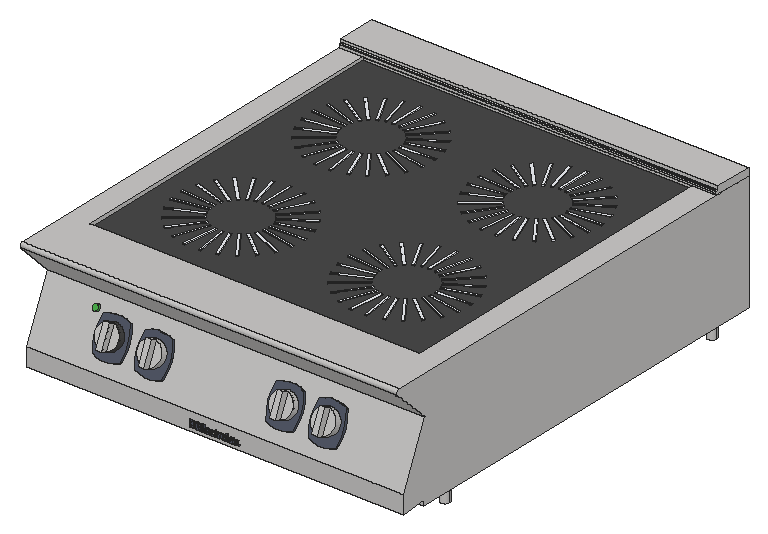
Revit family "QF_ELECTROLUXPROFESSIONAL_391045_E9IREH4000", category Specialty Equipment, Revit 2018
Family settings
  Round Connector Dimension = Use Diameter
  Part Type = Normal
  Work Plane-Based = No
  Always vertical = Yes
  Cut with Voids When Loaded = No
  Shared = No
  Room Calculation Point = No
Parameters
  Width = 800 mm  # constant formula
  Weight in Pounds = 69  # constant formula
  Watts = 0 W
  Volts = 400 V  # constant formula
  URL Cutsheet = "www.electrolux.com/foodservice"
  URL = "www.electrolux.com/foodservice"
  Type Mark [instance] = ""
  Status [instance] = ""
  Specification by User [instance] = ""
  Specification by Manufacturer = ""
  Show Logo [instance] = yes
  Show Clearance [instance] = yes
  Serial Number = ""
  Seismic Rating = ""
  SMACNA No = ""
  Revision Code [instance] = ""
  Phase = 3  # constant formula
  Omniclass Number and Title = ""
  Number of Poles [instance] = 1
  NAFEM Spec ID Number = ""
  Model = "391045"
  Min Ckt Ampacity = 0 A
  Max Overcurrent Protection = 0 A
  Masterspec = ""
  Manufacturer = "ELECTROLUX"
  Item Number [instance] = ""
  Installed By [instance] = ""
  Identify Quantity as Lot [instance] = yes
  Height = 290 mm  # constant formula
  HP = "18.2 HP"
  Furnished By [instance] = ""
  Foodservice Equipment Identifier [instance] = yes
  FL Amps = if(Phase = 3, Watts / (Volts * 1.73), Watts / Volts)  # 0 A
  Electrical Remarks [instance] = "400 V/3 ph/50/60 Hz"  # constant formula
  Electric Connection Type [instance] = ""
  Elec Conn RI Height [instance] = 0 mm
  Elec Conn Connection Height [instance] = 0 mm
  Direct Waste Size = 0"
  Description = "900XP 4 ZONE ELECTRIC INFRARED COOKING TOP -400 V"
  Depth = 930 mm  # constant formula
  Cycle = if([60 Hertz Option], 60 Hz, 50 Hz)  # 60 Hz
  Conn Plug = ""
  Conn Conduit = yes
  CSI MasterFormat = ""
  CSI Master Format = ""
  Base Height [instance] = 24 mm  # constant formula
  Apparent Power = if(Phase = 3, Volts * FL Amps * 1.73, Volts * FL Amps)  # 0 VA
  60 Hertz Option = not([50 Hertz Option])  # yes
  50 Hertz Option = no
Reference planes
  plane 1 "BACK": y = 0
  plane 2: z = 0
  plane 3 "LEFT": x = 0
  plane 4 "RIGHT": x = 800
  plane 5 "FRONT": y = -930
  plane 6 "TOP": z = 290
  plane 7 "Center Y": x = 400
  plane 8 "Center X": y = -465
  plane 9 "BASE": z = 24
  plane 10 "TOP A": z = 275
  plane 11: y = -790
  plane 12: y = -82
  plane 13: z = 55
  plane 14: y = 39
Forms (mm)
  Extrusion 1, solid, material "QF_Finishes_Stainless Steel"
    sketch origin (0, 0, 0) x (0, 1, 0) y (0, 0, 1)
      loop
        line (0, 275) -> (-925.027, 275)
        arc (-925.027, 275) -> (-930.893, 271.08) -> (-929.517, 264.16) r 6.35
        line (-929.517, 264.16) -> (-857.416, 191.809) -> (-913.522, 69.19) -> (-913.522, 31.09) -> (-860.4, 36.7) -> (-860.4, 24) -> (0, 24) -> (0, 275)
    from 0 to 800
  Extrusion 2, void
    sketch origin (0, 0, 275) x (-1, 0, 0) y (0, -1, 0)
      loop
        line (-50, 85) -> (-50, 810) -> (-750, 810) -> (-750, 85) -> (-50, 85)
    from 0 to -6.35
  Extrusion 3, solid, material "QF_Finishes_Stainless Steel"
    sketch origin (0, 0, 0) x (1, 0, 0) y (0, 1, 0)
      loop
        circle (11.112, -82) r 9.525
      loop
        circle (788.887, -82) r 9.525
    from 0 to 24
  Extrusion 4, solid, material "QF_Clearances", visible <- "Show Clearance", detail levels coarse
    sketch origin (0, 0, 0) x (1, 0, 0) y (0, 1, 0)
      loop
        line (0, -931.377) -> (0, 0) -> (800, 0) -> (800, -931.377) -> (950.019, -931.377) -> (950.019, 150.019) -> (-150.019, 150.019) -> (-150.019, -931.377) -> (0, -931.377)
    from 0 to 290
  Extrusion 5, solid, material "QF_Finishes_Navy Blue", visible <- "Show Logo"
    sketch origin (0, -913.522, 31.09) x (0, 0, 1) y (-1, 0, 0)
      loop
        line (22.074, -354.445) -> (9.707, -354.445)
        arc (9.707, -354.445) -> (15.891, -359.016) -> (22.074, -354.445) r 6.467
      loop
        arc (22.074, -353.816) -> (20.905, -348.673) -> (16.249, -346.195) r 6.338
        line (16.249, -346.195) -> (16.249, -348.241)
        arc (16.249, -348.241) -> (17.733, -351.896) -> (21.178, -353.816) r 5.941
        line (21.178, -353.816) -> (22.074, -353.816)
      loop
        arc (10.603, -353.816) -> (14.048, -351.896) -> (15.532, -348.241) r 5.941
        line (15.532, -348.241) -> (15.532, -346.195)
        arc (15.532, -346.195) -> (10.838, -348.669) -> (9.548, -353.816) r 6.504
        line (9.548, -353.816) -> (10.603, -353.816)
      loop
        line (22.749, -345.726) -> (9.004, -345.726) -> (9.004, -359.489) -> (22.749, -359.489) -> (22.749, -345.726)
      loop
        arc (22.832, -362.456) -> (22.485, -362.099) -> (22.118, -362.436) r 0.358
        arc (22.118, -362.436) -> (21.804, -363.187) -> (21.087, -363.572) r 1.216
        line (21.087, -363.572) -> (10.674, -363.572)
        arc (10.674, -363.572) -> (10.014, -363.294) -> (9.618, -362.698) r 1.238
        arc (9.618, -362.698) -> (9.223, -362.447) -> (8.918, -362.801) r 0.358
        line (8.918, -362.801) -> (8.918, -372.68) -> (11.669, -372.68) -> (11.669, -371.782)
        arc (11.669, -371.782) -> (10.76, -371.203) -> (10.304, -370.225) r 1.928
        line (10.304, -370.225) -> (10.304, -367.726)
        arc (10.304, -367.726) -> (10.58, -366.998) -> (11.268, -366.634) r 1.101
        line (11.268, -366.634) -> (15.355, -366.634) -> (15.355, -370.307)
        arc (15.355, -370.307) -> (15.002, -370.804) -> (14.437, -371.032) r 1.083
        arc (14.437, -371.032) -> (14.173, -371.337) -> (14.465, -371.615) r 0.292
        line (14.465, -371.615) -> (17.428, -371.615)
        arc (17.428, -371.615) -> (17.73, -371.343) -> (17.492, -371.013) r 0.305
        arc (17.492, -371.013) -> (17.001, -370.765) -> (16.696, -370.307) r 1.083
        line (16.696, -370.307) -> (16.696, -366.634) -> (21.373, -366.634) -> (21.373, -370.381)
        arc (21.373, -370.381) -> (21.159, -371.137) -> (20.553, -371.635) r 1.314
        arc (20.553, -371.635) -> (20.334, -372.039) -> (20.688, -372.331) r 0.361
        line (20.688, -372.331) -> (22.832, -372.331) -> (22.832, -362.456)
      loop
        arc (22.115, -373.112) -> (21.735, -374.03) -> (20.816, -374.411) r 1.299
        line (20.816, -374.411) -> (11.237, -374.411)
        arc (11.237, -374.411) -> (10.399, -374.033) -> (10.128, -373.155) r 1.118
        line (10.128, -373.155) -> (8.918, -373.155) -> (8.918, -378.505) -> (10.106, -378.505)
        arc (10.106, -378.505) -> (10.378, -377.588) -> (11.248, -377.191) r 1.153
        line (11.248, -377.191) -> (23.32, -377.191) -> (22.115, -373.112)
      loop
        line (13.883, -381.141) -> (13.883, -387.588) -> (14.682, -387.588)
        arc (14.682, -387.588) -> (17.262, -386.604) -> (18.531, -384.15) r 3.874
        line (18.531, -384.15) -> (18.531, -382.389)
        arc (18.531, -382.389) -> (17.344, -379.525) -> (14.48, -378.338) r 4.051
        line (14.48, -378.338) -> (12.472, -378.338)
        arc (12.472, -378.338) -> (9.653, -379.823) -> (8.602, -382.83) r 4.352
        arc (8.602, -382.83) -> (8.966, -385.294) -> (10.343, -387.368) r 5.713
        line (10.343, -387.368) -> (11.292, -387.368)
        arc (11.292, -387.368) -> (10.56, -385.799) -> (10.343, -384.081) r 5.579
        arc (10.343, -384.081) -> (11.137, -382.118) -> (13.016, -381.141) r 3.057
        line (13.016, -381.141) -> (13.883, -381.141)
      loop
        line (15.142, -381.141) -> (15.142, -384.723)
        arc (15.142, -384.723) -> (16.599, -384.77) -> (17.482, -383.61) r 1.59
        line (17.482, -383.61) -> (17.482, -382.781)
        arc (17.482, -382.781) -> (16.617, -381.525) -> (15.142, -381.141) r 2.184
      loop
        arc (17.933, -397.006) -> (18.422, -395.332) -> (18.579, -393.595) r 9.023
        line (18.579, -393.595) -> (18.579, -392.232)
        arc (18.579, -392.232) -> (17.42, -389.433) -> (14.62, -388.273) r 3.959
        line (14.62, -388.273) -> (12.02, -388.273)
        arc (12.02, -388.273) -> (9.738, -389.566) -> (8.621, -391.939) r 4.331
        line (8.621, -391.939) -> (8.621, -394.074)
        arc (8.621, -394.074) -> (9.129, -395.624) -> (10.051, -396.97) r 5.772
        arc (10.051, -396.97) -> (10.812, -397.02) -> (10.899, -396.262) r 0.553
        arc (10.899, -396.262) -> (10.511, -395.528) -> (10.377, -394.709) r 2.573
        line (10.377, -394.709) -> (10.377, -393.194)
        arc (10.377, -393.194) -> (11.383, -391.552) -> (13.198, -390.91) r 2.884
        line (13.198, -390.91) -> (14.477, -390.91)
        arc (14.477, -390.91) -> (16.298, -391.47) -> (17.224, -393.135) r 2.554
        line (17.224, -393.135) -> (17.224, -394.188)
        arc (17.224, -394.188) -> (16.893, -395.116) -> (16.236, -395.851) r 2.564
        arc (16.236, -395.851) -> (16.014, -396.568) -> (16.623, -397.006) r 0.643
        line (16.623, -397.006) -> (17.933, -397.006)
      loop
        line (16.915, -397.276) -> (16.915, -398.777) -> (10.867, -398.777)
        arc (10.867, -398.777) -> (9.279, -399.435) -> (8.621, -401.023) r 2.246
        line (8.621, -401.023) -> (8.621, -402.606)
        arc (8.621, -402.606) -> (8.935, -403.471) -> (9.435, -404.243) r 4.06
        arc (9.435, -404.243) -> (10.168, -404.376) -> (10.419, -403.675) r 0.576
        arc (10.419, -403.675) -> (10.313, -403.149) -> (10.377, -402.617) r 1.69
        arc (10.377, -402.617) -> (10.919, -401.829) -> (11.825, -401.525) r 1.506
        line (11.825, -401.525) -> (16.963, -401.525) -> (16.963, -403.923) -> (17.519, -404.479) -> (18.341, -404.479) -> (18.341, -401.619) -> (21.572, -401.619) -> (16.915, -397.276)
      loop
        line (8.838, -405.377) -> (8.838, -410.763) -> (9.948, -410.763)
        arc (9.948, -410.763) -> (10.342, -409.812) -> (11.293, -409.418) r 1.345
        line (11.293, -409.418) -> (14.909, -409.418)
        arc (14.909, -409.418) -> (15.674, -410.01) -> (15.964, -410.933) r 1.615
        line (15.964, -410.933) -> (15.964, -412.489) -> (18.519, -413.173) -> (18.519, -411.791) -> (16.577, -409.231) -> (18.457, -409.231) -> (18.173, -406.526)
        arc (18.173, -406.526) -> (17.733, -405.995) -> (17.074, -406.197) r 0.621
        arc (17.074, -406.197) -> (16.674, -406.539) -> (16.18, -406.721) r 1.501
        line (16.18, -406.721) -> (11.293, -406.721)
        arc (11.293, -406.721) -> (10.342, -406.328) -> (9.948, -405.377) r 1.345
        line (9.948, -405.377) -> (8.838, -405.377)
      loop
        line (14.94, -412.711) -> (12.248, -412.711)
        arc (12.248, -412.711) -> (9.803, -414.018) -> (8.669, -416.549) r 4.288
        arc (8.669, -416.549) -> (8.605, -417.929) -> (8.669, -419.31) r 15.022
        arc (8.669, -419.31) -> (9.803, -421.84) -> (12.248, -423.148) r 4.288
        line (12.248, -423.148) -> (14.94, -423.148)
        arc (14.94, -423.148) -> (17.386, -421.84) -> (18.519, -419.31) r 4.288
        arc (18.519, -419.31) -> (18.583, -417.929) -> (18.519, -416.549) r 15.022
        arc (18.519, -416.549) -> (17.386, -414.018) -> (14.94, -412.711) r 4.288
      loop
        line (15.145, -415.825) -> (12.043, -415.825)
        arc (12.043, -415.825) -> (9.886, -417.982) -> (12.043, -420.139) r 2.157
        line (12.043, -420.139) -> (15.145, -420.139)
        arc (15.145, -420.139) -> (17.302, -417.982) -> (15.145, -415.825) r 2.157
      loop
        arc (22.126, -423.006) -> (21.755, -423.9) -> (20.861, -424.271) r 1.264
        line (20.861, -424.271) -> (10.997, -424.271)
        arc (10.997, -424.271) -> (10.127, -423.874) -> (9.855, -422.957) r 1.153
        line (9.855, -422.957) -> (8.918, -422.957) -> (8.918, -428.066) -> (9.846, -428.066)
        arc (9.846, -428.066) -> (10.205, -427.293) -> (10.997, -426.979) r 1.153
        line (10.997, -426.979) -> (23.32, -426.979) -> (22.126, -423.006)
      loop
        arc (17.246, -427.603) -> (17.047, -428.668) -> (16.078, -429.15) r 1.215
        line (16.078, -429.15) -> (11.058, -429.15)
        arc (11.058, -429.15) -> (9.443, -429.797) -> (8.722, -431.38) r 2.338
        line (8.722, -431.38) -> (8.722, -432.894)
        arc (8.722, -432.894) -> (8.897, -433.898) -> (9.399, -434.785) r 2.979
        line (9.399, -434.785) -> (8.918, -436.581) -> (8.918, -438.27) -> (18.343, -438.27) -> (18.049, -434.067) -> (17.263, -434.067)
        arc (17.263, -434.067) -> (16.907, -434.903) -> (16.155, -435.411) r 1.605
        line (16.155, -435.411) -> (11.052, -435.411)
        arc (11.052, -435.411) -> (10.632, -434.475) -> (10.559, -433.451) r 2.94
        arc (10.559, -433.451) -> (11.12, -432.35) -> (12.273, -431.907) r 1.724
        line (12.273, -431.907) -> (18.47, -431.907) -> (17.246, -427.603)
      loop
        line (18.274, -439.123) -> (16.602, -441.17) -> (13.428, -443.476) -> (9.972, -440.363)
        arc (9.972, -440.363) -> (9.735, -439.97) -> (9.757, -439.511) r 0.789
        line (9.757, -439.511) -> (8.918, -439.511) -> (8.918, -443.056) -> (9.744, -443.056)
        arc (9.744, -443.056) -> (10.086, -442.694) -> (10.576, -442.786) r 0.52
        line (10.576, -442.786) -> (12.376, -444.257) -> (10.258, -445.632)
        arc (10.258, -445.632) -> (9.857, -445.322) -> (9.77, -444.823) r 0.7
        line (9.77, -444.823) -> (8.918, -444.823) -> (8.918, -450.75) -> (9.805, -450.75)
        arc (9.805, -450.75) -> (9.872, -450.091) -> (10.266, -449.559) r 1.247
        line (10.266, -449.559) -> (14.466, -446.278) -> (16.913, -448.332) -> (18.274, -450.074) -> (18.274, -446.35) -> (16.789, -446.772) -> (15.268, -445.496) -> (16.968, -444.305) -> (18.274, -445.082) -> (18.274, -439.123)
    from 0 to 1.644
  Extrusion 6, solid, material "QF_Finishes_Navy Blue"
    sketch origin (835.325, -913.522, 69.19) x (0, 0.416078, 0.909329) y (-1, 0, 0)
      loop
        arc (101.077, 704.335) -> (66.2, 711.352) -> (31.333, 704.29) r 89.894
        arc (31.333, 704.29) -> (24.638, 675.76) -> (31.333, 647.229) r 64.14
        arc (31.333, 647.229) -> (66.2, 640.164) -> (101.077, 647.185) r 89.853
        arc (101.077, 647.185) -> (107.792, 675.76) -> (101.077, 704.335) r 64.16
      loop
        arc (101.077, 188.815) -> (107.792, 217.39) -> (101.077, 245.965) r 64.16
        arc (101.077, 245.965) -> (66.2, 252.986) -> (31.333, 245.921) r 89.853
        arc (31.333, 245.921) -> (24.638, 217.39) -> (31.333, 188.86) r 64.14
        arc (31.333, 188.86) -> (66.2, 181.798) -> (101.077, 188.815) r 89.894
      loop
        arc (101.077, 278.815) -> (107.792, 307.39) -> (101.077, 335.965) r 64.16
        arc (101.077, 335.965) -> (66.2, 342.986) -> (31.333, 335.921) r 89.853
        arc (31.333, 335.921) -> (24.638, 307.39) -> (31.333, 278.86) r 64.14
        arc (31.333, 278.86) -> (66.2, 271.798) -> (101.077, 278.815) r 89.894
      loop
        arc (101.077, 614.335) -> (66.2, 621.352) -> (31.333, 614.29) r 89.894
        arc (31.333, 614.29) -> (24.638, 585.76) -> (31.333, 557.229) r 64.14
        arc (31.333, 557.229) -> (66.2, 550.164) -> (101.077, 557.185) r 89.853
        arc (101.077, 557.185) -> (107.792, 585.76) -> (101.077, 614.335) r 64.16
    from 0 to 3.175
  Extrusion 7, solid, material "QF_Finishes_Stainless Steel"
    sketch origin (835.325, -916.409, 70.511) x (0, 0.416078, 0.909329) y (-1, 0, 0)
      loop
        circle (68.826, 676.832) r 25.4
      loop
        circle (68.826, 307.568) r 25.4
      loop
        circle (68.826, 586.832) r 25.4
      loop
        circle (68.826, 217.568) r 25.4
    from 0 to 12.7
  Extrusion 8, solid, material "QF_Finishes_Stainless Steel"
    sketch origin (835.325, -927.958, 75.796) x (0, 0.416078, 0.909329) y (-1, 0, 0)
      loop
        line (93.558, 682.619) -> (44.094, 682.619)
        arc (44.094, 682.619) -> (43.426, 676.832) -> (44.094, 671.046) r 25.4
        line (44.094, 671.046) -> (93.558, 671.046)
        arc (93.558, 671.046) -> (94.226, 676.832) -> (93.558, 682.619) r 25.4
      loop
        arc (93.558, 301.781) -> (94.226, 307.568) -> (93.558, 313.354) r 25.4
        line (93.558, 313.354) -> (44.094, 313.354)
        arc (44.094, 313.354) -> (43.426, 307.568) -> (44.094, 301.781) r 25.4
        line (44.094, 301.781) -> (93.558, 301.781)
      loop
        line (93.558, 592.619) -> (44.094, 592.619)
        arc (44.094, 592.619) -> (43.426, 586.832) -> (44.094, 581.046) r 25.4
        line (44.094, 581.046) -> (93.558, 581.046)
        arc (93.558, 581.046) -> (94.226, 586.832) -> (93.558, 592.619) r 25.4
      loop
        line (93.558, 224.249) -> (44.094, 224.249)
        arc (44.094, 224.249) -> (43.426, 218.463) -> (44.094, 212.677) r 25.4
        line (44.094, 212.677) -> (93.558, 212.677)
        arc (93.558, 212.677) -> (94.226, 218.463) -> (93.558, 224.249) r 25.4
    from 0 to 12.7
  Extrusion 9, solid, material "QF_Finishes_Green"
    sketch origin (510.869, -909.361, 78.284) x (0, 0.416078, 0.909329) y (-1, 0, 0)
      loop
        circle (95.167, 397.721) r 6.35
    from 0 to 3.175
  Extrusion 10, solid, material "QF_Finishes_Stainless Steel"
    sketch origin (0, -192.116, 268.65) x (-1, 0, 0) y (0, -1, 0)
      loop
        circle (-11.112, 597.884) r 9.525
      loop
        circle (-788.887, 597.884) r 9.525
    from -268.65 to -244.65
  Extrusion 11, solid, material "QF_Finishes_Stainless Steel"
    sketch origin (800, 0, 0) x (0, 1, 0) y (0, 0, 1)
      loop
        line (0, 290) -> (-80, 290) -> (-80, 283.447)
        arc (-80, 283.447) -> (-80.635, 281.914) -> (-82.167, 281.279) r 2.167
        line (-82.167, 281.279) -> (-83.733, 281.279)
        arc (-83.733, 281.279) -> (-84.629, 280.908) -> (-85, 280.012) r 1.267
        line (-85, 280.012) -> (-85, 275) -> (0, 275) -> (0, 290)
    from -800 to 0
  Revolve 12, solid, material "QF_Finishes_Stainless Steel"
    sketch origin (740, 0, 0) x (0, 1, 0) y (0, 0, 1)
      loop
        line (0, 55) -> (39, 55) -> (39, 71.995) -> (5, 71.995) -> (5, 65) -> (0, 65) -> (0, 55)
      axis (39, 55) -> (0, 55)
    angle from 0 to 360
Cuts and joins
  Extrusion 2 cuts Extrusion 1
Lines and regions (mm)
  symbolic lines, style "QF_Clearances", visible <- "Show Clearance", detail levels coarse
    curve 1: line (-150.019, 150.019, 275) -> (-150.019, -931.377, 275)
    curve 2: line (950.019, 150.019, 275) -> (-150.019, 150.019, 275)
    curve 3: line (950.019, -931.377, 275) -> (950.019, 150.019, 275)
  symbolic lines
    curve 4: line (0, 0, 275) -> (800, 0, 275)
    curve 5: line (0, -930, 275) -> (0, 0, 275)
    curve 6: line (800, 0, 275) -> (800, -930, 275)
    curve 7: line (800, -930, 275) -> (0, -930, 275)
    curve 8: line (726.512, -348.642, 268.65) -> (738.006, -348.642, 268.65)
    curve 9: line (726.512, -380.898, 268.65) -> (726.512, -348.642, 268.65)
    curve 10: line (738.006, -380.898, 268.65) -> (726.512, -380.898, 268.65)
    curve 11: line (738.006, -348.642, 268.65) -> (738.006, -380.898, 268.65)
    curve 12: line (50, -810, 268.65) -> (50, -110, 268.65)
    curve 13: line (50, -110, 268.65) -> (750, -110, 268.65)
    curve 14: line (750, -110, 268.65) -> (750, -810, 268.65)
    curve 15: line (750, -810, 268.65) -> (50, -810, 268.65)
    curve 16: line (0, -85, 268.65) -> (800, -85, 268.65)
    curve 17: line (0, -80, 268.65) -> (800, -80, 268.65)
Dimensions and locks
  equal spacing: plane 3 "LEFT", plane 7 "Center Y", plane 4 "RIGHT"
  "Width": plane 3 "LEFT" to plane 4 "RIGHT"
  equal spacing: plane 5 "FRONT", plane 8 "Center X", plane 1 "BACK"
  "Depth": plane 5 "FRONT" to plane 1 "BACK"
  "Height": plane 6 "TOP" to level
  "Base Height": plane 9 "BASE" to level
  plane 1 "BACK" to plane 5 "FRONT" = 930 mm
  plane 10 "TOP A" to plane 9 "BASE" = 251 mm  (x2)
  Extrusion 1 sketch curve to Extrusion 1 sketch curve to Extrusion 1 sketch curve to Extrusion 1 sketch curve to Extrusion 1 sketch curve to Extrusion 1 sketch curve to Extrusion 1 sketch curve to plane 5 "FRONT" = 2.984 mm locked, 0 mm locked, 53.122 mm locked, 0 mm locked, 11.505 mm locked, 4.49 mm locked, 0.483 mm locked
  locked: plane 5 "FRONT" to Extrusion 2 sketch curve at 120
  plane 1 "BACK" to plane 12 = 82 mm
  locked: plane 12 to plane 11 at 708
  plane 6 "TOP" to level = 290 mm
  plane 9 "BASE" to level = 24 mm
  plane 11 to plane 12 to plane 1 "BACK" = 708 mm, 82 mm
  plane 9 "BASE" to plane 2 = 24 mm
  plane 13 to plane 2 = 55 mm
  plane 1 "BACK" to plane 14 = 39 mm
  aligned and locked: level to plane 2
  aligned and locked: plane 4 "RIGHT" to Extrusion 1
  aligned and locked: Extrusion 3 to plane 9 "BASE"
  aligned and locked: plane 6 "TOP" to Extrusion 4
  aligned and locked: curve 15 to cut or joined group of Extrusion 1, Extrusion 2
  aligned and locked: plane 9 "BASE" to Extrusion 10
  aligned and locked: Extrusion 11 to plane 3 "LEFT"
  aligned and locked: plane 4 "RIGHT" to Extrusion 11
  aligned and locked: Extrusion 10 to level
  aligned and locked: plane 11 to Extrusion 10
Automatic sketch dimensions
  Extrusion 1 sketch curve to plane 1 "BACK" = 0 mm
  Extrusion 1 sketch curve to plane 9 "BASE" = 0 mm
  Extrusion 1 sketch curve to plane 10 "TOP A" = 0 mm
  plane 9 "BASE" to Extrusion 1 sketch curve = 7.09 mm
  plane 9 "BASE" to Extrusion 1 sketch curve = 12.7 mm
  plane 13 to Extrusion 1 sketch curve = 14.19 mm
  Extrusion 1 sketch curve to plane 10 "TOP A" = 83.191 mm
  Extrusion 1 sketch curve to plane 10 "TOP A" = 10.84 mm
  plane 12 to Extrusion 2 sketch curve = 3 mm
  Extrusion 2 sketch curve to plane 4 "RIGHT" = 50 mm
  plane 3 "LEFT" to Extrusion 2 sketch curve = 50 mm
  plane 12 to Extrusion 3 sketch curve = 0 mm  (x2)
  plane 3 "LEFT" to Extrusion 3 sketch curve = 11.112 mm
  Extrusion 3 sketch curve to plane 4 "RIGHT" = 11.113 mm
  plane 1 "BACK" to Extrusion 4 sketch curve = 0 mm
  Extrusion 4 sketch curve to plane 3 "LEFT" = 0 mm
  Extrusion 4 sketch curve to plane 4 "RIGHT" = 0 mm
  Extrusion 4 sketch curve to plane 3 "LEFT" = 150.019 mm
  plane 5 "FRONT" to Extrusion 4 sketch curve = 1.377 mm  (x2)
  plane 4 "RIGHT" to Extrusion 4 sketch curve = 150.019 mm
  Extrusion 4 sketch curve to plane 14 = 111.019 mm
  curve 6 to plane 4 "RIGHT" = 0 mm
  curve 5 to plane 3 "LEFT" = 0 mm
  plane 1 "BACK" to curve 5 = 0 mm
  plane 5 "FRONT" to curve 7 = 0 mm
  plane 4 "RIGHT" to curve 3 = 150.019 mm
  plane 5 "FRONT" to curve 1 = 1.377 mm
  curve 1 to plane 3 "LEFT" = 150.019 mm
  curve 1 to plane 14 = 111.019 mm
  plane 5 "FRONT" to curve 3 = 1.377 mm
  Extrusion 2 to curve 16 = 0 mm
  curve 15 to Extrusion 2 = 0 mm  (x2)
  Extrusion 2 to curve 17 = 5 mm
  Extrusion 2 to curve 17 = 50 mm  (x2)
  curve 16 to curve 17 = 0 mm  (x2)
  curve 11 to Extrusion 2 = 11.994 mm
  curve 10 to curve 9 = 11.495 mm
  curve 14 to Extrusion 2 = 25 mm
  curve 13 to curve 8 = 238.642 mm
  curve 8 to curve 10 = 32.256 mm
  Extrusion 5 sketch curve to Extrusion 1 = 3.561 mm
  Extrusion 5 sketch curve to Extrusion 1 = 8.602 mm
  Extrusion 5 sketch curve to Extrusion 1 = 8.621 mm  (x2)
  Extrusion 5 sketch curve to Extrusion 5 sketch curve = 5.108 mm  (x2)
  Extrusion 5 sketch curve to Extrusion 5 sketch curve = 0 mm  (x27)
  Extrusion 5 sketch curve to Extrusion 1 = 8.722 mm
  Extrusion 5 sketch curve to Extrusion 5 sketch curve = 0.218 mm
  Extrusion 5 sketch curve to Extrusion 5 sketch curve = 0.195 mm
  Extrusion 5 sketch curve to Extrusion 5 sketch curve = 0.249 mm
  Extrusion 5 sketch curve to Extrusion 1 = 8.918 mm
  Extrusion 5 sketch curve to Extrusion 5 sketch curve = 0.087 mm
  Extrusion 5 sketch curve to Extrusion 5 sketch curve = 0.358 mm
  Extrusion 5 sketch curve to Extrusion 5 sketch curve = 0.481 mm
  Extrusion 5 sketch curve to Extrusion 5 sketch curve = 0.597 mm
  Extrusion 5 sketch curve to Extrusion 5 sketch curve = 0.544 mm
  Extrusion 5 sketch curve to Extrusion 5 sketch curve = 0.936 mm
  Extrusion 5 sketch curve to Extrusion 5 sketch curve = 0.594 mm
  Extrusion 5 sketch curve to Extrusion 5 sketch curve = 0.343 mm
  Extrusion 5 sketch curve to Extrusion 5 sketch curve = 0.159 mm
  Extrusion 5 sketch curve to Extrusion 5 sketch curve = 0.826 mm
  Extrusion 5 sketch curve to Extrusion 5 sketch curve = 0.839 mm
  Extrusion 5 sketch curve to Extrusion 5 sketch curve = 0.852 mm
  Extrusion 5 sketch curve to Extrusion 5 sketch curve = 0.887 mm
  Extrusion 5 sketch curve to Extrusion 5 sketch curve = 0.928 mm
  Extrusion 5 sketch curve to Extrusion 5 sketch curve = 0.938 mm
  Extrusion 5 sketch curve to Extrusion 5 sketch curve = 0.444 mm
  Extrusion 5 sketch curve to Extrusion 5 sketch curve = 1.11 mm  (x3)
  Extrusion 5 sketch curve to Extrusion 5 sketch curve = 0.215 mm
  Extrusion 5 sketch curve to Extrusion 5 sketch curve = 1.43 mm
  Extrusion 5 sketch curve to Extrusion 5 sketch curve = 1.188 mm
  Extrusion 5 sketch curve to Extrusion 5 sketch curve = 1.21 mm  (x2)
  Extrusion 5 sketch curve to Extrusion 5 sketch curve = 0.503 mm
  Extrusion 5 sketch curve to Extrusion 5 sketch curve = 0.488 mm
  Extrusion 5 sketch curve to Extrusion 5 sketch curve = 0.462 mm
  Extrusion 5 sketch curve to Extrusion 5 sketch curve = 1.386 mm
  Extrusion 5 sketch curve to Extrusion 5 sketch curve = 1.742 mm  (x2)
  Extrusion 5 sketch curve to Extrusion 5 sketch curve = 0.821 mm
  Extrusion 5 sketch curve to Extrusion 5 sketch curve = 0.497 mm
  Extrusion 5 sketch curve to Extrusion 5 sketch curve = 0.539 mm
  Extrusion 5 sketch curve to Extrusion 5 sketch curve = 0.686 mm
  Extrusion 5 sketch curve to Extrusion 5 sketch curve = 0.408 mm
  Extrusion 5 sketch curve to Extrusion 5 sketch curve = 0.743 mm
  Extrusion 5 sketch curve to Extrusion 5 sketch curve = 1.16 mm
  Extrusion 5 sketch curve to Extrusion 5 sketch curve = 0.329 mm
  Extrusion 5 sketch curve to Extrusion 5 sketch curve = 1.054 mm
  Extrusion 5 sketch curve to Extrusion 5 sketch curve = 1.056 mm
  Extrusion 5 sketch curve to Extrusion 5 sketch curve = 0.129 mm
  Extrusion 5 sketch curve to Extrusion 5 sketch curve = 0.489 mm
  Extrusion 5 sketch curve to Extrusion 5 sketch curve = 0.441 mm
  Extrusion 5 sketch curve to Extrusion 5 sketch curve = 1.151 mm
  Extrusion 5 sketch curve to Extrusion 5 sketch curve = 1.141 mm  (x2)
  Extrusion 5 sketch curve to Extrusion 5 sketch curve = 0.768 mm
  Extrusion 5 sketch curve to Extrusion 5 sketch curve = 1.653 mm
  Extrusion 5 sketch curve to Extrusion 5 sketch curve = 0.499 mm
  Extrusion 5 sketch curve to Extrusion 5 sketch curve = 0.964 mm
  Extrusion 5 sketch curve to Extrusion 5 sketch curve = 0.949 mm
  Extrusion 5 sketch curve to Extrusion 5 sketch curve = 1.345 mm  (x3)
  Extrusion 5 sketch curve to Extrusion 5 sketch curve = 1.101 mm
  Extrusion 5 sketch curve to Extrusion 5 sketch curve = 0.432 mm
  Extrusion 5 sketch curve to Extrusion 5 sketch curve = 1.142 mm
  Extrusion 5 sketch curve to Extrusion 5 sketch curve = 0.959 mm
  Extrusion 5 sketch curve to Extrusion 5 sketch curve = 0.176 mm
  Extrusion 5 sketch curve to Extrusion 5 sketch curve = 0.728 mm
  Extrusion 5 sketch curve to Extrusion 5 sketch curve = 3.375 mm  (x2)
  Extrusion 5 sketch curve to Extrusion 5 sketch curve = 1.905 mm
  Extrusion 5 sketch curve to Extrusion 5 sketch curve = 0.955 mm
  Extrusion 5 sketch curve to Extrusion 5 sketch curve = 1.251 mm
  Extrusion 5 sketch curve to Extrusion 5 sketch curve = 0.572 mm
  Extrusion 5 sketch curve to Extrusion 5 sketch curve = 1.92 mm
  Extrusion 5 sketch curve to Extrusion 5 sketch curve = 1.224 mm
  Extrusion 5 sketch curve to Extrusion 5 sketch curve = 0.745 mm
  Extrusion 5 sketch curve to Extrusion 5 sketch curve = 2.537 mm
  Extrusion 5 sketch curve to Extrusion 5 sketch curve = 0.896 mm  (x3)
  Extrusion 5 sketch curve to Extrusion 5 sketch curve = 0.036 mm
  Extrusion 5 sketch curve to Extrusion 5 sketch curve = 2.607 mm
  Extrusion 5 sketch curve to Extrusion 5 sketch curve = 0.066 mm
  Extrusion 5 sketch curve to Extrusion 5 sketch curve = 0.248 mm
  Extrusion 5 sketch curve to Extrusion 5 sketch curve = 0.449 mm
  Extrusion 5 sketch curve to Extrusion 5 sketch curve = 1.052 mm
  Extrusion 5 sketch curve to Extrusion 5 sketch curve = 1.863 mm
  Extrusion 5 sketch curve to Extrusion 5 sketch curve = 1.31 mm  (x2)
  Extrusion 5 sketch curve to Extrusion 5 sketch curve = 0.901 mm
  Extrusion 5 sketch curve to Extrusion 5 sketch curve = 1.107 mm
  Extrusion 5 sketch curve to Extrusion 5 sketch curve = 2.122 mm
  Extrusion 5 sketch curve to Extrusion 5 sketch curve = 2.101 mm
  Extrusion 5 sketch curve to Extrusion 5 sketch curve = 0.106 mm
  Extrusion 5 sketch curve to Extrusion 5 sketch curve = 0.029 mm
  Extrusion 5 sketch curve to Extrusion 5 sketch curve = 2.09 mm
  Extrusion 5 sketch curve to Extrusion 5 sketch curve = 1.279 mm
  Extrusion 5 sketch curve to Extrusion 5 sketch curve = 2.008 mm
  Extrusion 5 sketch curve to Extrusion 5 sketch curve = 0.738 mm
  Extrusion 5 sketch curve to Extrusion 5 sketch curve = 0.382 mm
  Extrusion 5 sketch curve to Extrusion 5 sketch curve = 0.384 mm
  Extrusion 5 sketch curve to Extrusion 5 sketch curve = 0.002 mm
  Extrusion 5 sketch curve to Extrusion 5 sketch curve = 0.561 mm
  Extrusion 5 sketch curve to Extrusion 5 sketch curve = 0.592 mm
  Extrusion 5 sketch curve to Extrusion 5 sketch curve = 2.692 mm
  Extrusion 5 sketch curve to Extrusion 5 sketch curve = 1.259 mm
  Extrusion 5 sketch curve to Extrusion 5 sketch curve = 0.802 mm
  Extrusion 5 sketch curve to Extrusion 5 sketch curve = 1.024 mm  (x2)
  Extrusion 5 sketch curve to Extrusion 5 sketch curve = 0.682 mm
  Extrusion 5 sketch curve to Extrusion 5 sketch curve = 5.934 mm
  Extrusion 5 sketch curve to Extrusion 5 sketch curve = 2.186 mm
  Extrusion 5 sketch curve to Extrusion 5 sketch curve = 0.337 mm
  Extrusion 5 sketch curve to Extrusion 5 sketch curve = 0.021 mm
  Extrusion 5 sketch curve to Extrusion 5 sketch curve = 1.005 mm
  Extrusion 5 sketch curve to Extrusion 5 sketch curve = 0.552 mm
  Extrusion 5 sketch curve to Extrusion 5 sketch curve = 0.778 mm
  Extrusion 5 sketch curve to Extrusion 5 sketch curve = 0.063 mm
  Extrusion 5 sketch curve to Extrusion 5 sketch curve = 1.023 mm
  Extrusion 5 sketch curve to Extrusion 5 sketch curve = 3.804 mm
  Extrusion 5 sketch curve to Extrusion 5 sketch curve = 0.486 mm
  Extrusion 5 sketch curve to Extrusion 5 sketch curve = 0.266 mm
  Extrusion 5 sketch curve to Extrusion 5 sketch curve = 1.547 mm
  Extrusion 5 sketch curve to Extrusion 5 sketch curve = 0.717 mm  (x2)
  Extrusion 5 sketch curve to Extrusion 5 sketch curve = 1.667 mm
  Extrusion 5 sketch curve to Extrusion 5 sketch curve = 3.174 mm
  Extrusion 5 sketch curve to Extrusion 5 sketch curve = 0.388 mm
  Extrusion 5 sketch curve to Extrusion 5 sketch curve = 1.342 mm
  Extrusion 5 sketch curve to Extrusion 5 sketch curve = 1.521 mm
  Extrusion 5 sketch curve to Extrusion 5 sketch curve = 0.124 mm
  Extrusion 5 sketch curve to Extrusion 5 sketch curve = 0.291 mm
  Extrusion 5 sketch curve to Extrusion 5 sketch curve = 1.049 mm  (x2)
  Extrusion 5 sketch curve to Extrusion 5 sketch curve = 1.7 mm
  Extrusion 5 sketch curve to Extrusion 5 sketch curve = 0.894 mm
  Extrusion 5 sketch curve to Extrusion 5 sketch curve = 0.989 mm
  Extrusion 5 sketch curve to Extrusion 5 sketch curve = 1.168 mm
  Extrusion 5 sketch curve to Extrusion 5 sketch curve = 1.594 mm
  Extrusion 5 sketch curve to Extrusion 5 sketch curve = 0.731 mm
  Extrusion 5 sketch curve to Extrusion 5 sketch curve = 1.566 mm
  Extrusion 5 sketch curve to Extrusion 5 sketch curve = 0.064 mm
  Extrusion 5 sketch curve to Extrusion 5 sketch curve = 0.556 mm  (x2)
  Extrusion 5 sketch curve to Extrusion 5 sketch curve = 0.48 mm
  Extrusion 5 sketch curve to Extrusion 5 sketch curve = 1.018 mm
  Extrusion 5 sketch curve to Extrusion 5 sketch curve = 0.787 mm
  Extrusion 5 sketch curve to Extrusion 5 sketch curve = 0.618 mm
  Extrusion 5 sketch curve to Extrusion 5 sketch curve = 1.672 mm
  Extrusion 5 sketch curve to Extrusion 5 sketch curve = 1.361 mm
  Extrusion 5 sketch curve to Extrusion 5 sketch curve = 0.822 mm
  Extrusion 5 sketch curve to Extrusion 5 sketch curve = 0.069 mm
  Extrusion 5 sketch curve to Extrusion 5 sketch curve = 1.88 mm
  Extrusion 5 sketch curve to Extrusion 5 sketch curve = 0.42 mm
  Extrusion 5 sketch curve to Extrusion 5 sketch curve = 0.062 mm
  Extrusion 5 sketch curve to Extrusion 5 sketch curve = 1.355 mm
  Extrusion 5 sketch curve to Extrusion 5 sketch curve = 2.34 mm
  Extrusion 5 sketch curve to Extrusion 5 sketch curve = 0.493 mm
  Extrusion 5 sketch curve to Extrusion 5 sketch curve = 0.136 mm
  Extrusion 5 sketch curve to Extrusion 5 sketch curve = 0.128 mm
  Extrusion 5 sketch curve to Extrusion 5 sketch curve = 3.616 mm
  Extrusion 5 sketch curve to Extrusion 5 sketch curve = 4.207 mm
  Extrusion 5 sketch curve to Extrusion 5 sketch curve = 0.183 mm
  Extrusion 5 sketch curve to Extrusion 5 sketch curve = 0.895 mm
  Extrusion 5 sketch curve to Extrusion 5 sketch curve = 1.314 mm
  Extrusion 5 sketch curve to Extrusion 5 sketch curve = 3.231 mm
  Extrusion 5 sketch curve to Extrusion 5 sketch curve = 1.299 mm
  Extrusion 5 sketch curve to Extrusion 5 sketch curve = 1.214 mm
  Extrusion 5 sketch curve to Extrusion 5 sketch curve = 1.264 mm
  Extrusion 5 sketch curve to Extrusion 5 sketch curve = 0.109 mm
  Extrusion 5 sketch curve to Extrusion 5 sketch curve = 0.357 mm
  Extrusion 5 sketch curve to Extrusion 5 sketch curve = 0.565 mm
  Extrusion 5 sketch curve to Extrusion 5 sketch curve = 2.504 mm
  Extrusion 5 sketch curve to Extrusion 5 sketch curve = 2.459 mm
  Extrusion 1 to Extrusion 5 sketch curve = 349.25 mm
  Extrusion 5 sketch curve to Extrusion 5 sketch curve = 0.208 mm
  Extrusion 5 sketch curve to Extrusion 5 sketch curve = 0.468 mm  (x2)
  Extrusion 5 sketch curve to Extrusion 5 sketch curve = 1.559 mm
  Extrusion 5 sketch curve to Extrusion 5 sketch curve = 0.422 mm  (x2)
  Extrusion 5 sketch curve to Extrusion 5 sketch curve = 0.494 mm
  Extrusion 5 sketch curve to Extrusion 5 sketch curve = 3.927 mm
  Extrusion 5 sketch curve to Extrusion 5 sketch curve = 0.782 mm
  Extrusion 5 sketch curve to Extrusion 5 sketch curve = 1.268 mm
  Extrusion 5 sketch curve to Extrusion 5 sketch curve = 0.671 mm
  Extrusion 5 sketch curve to Extrusion 5 sketch curve = 0.777 mm
  Extrusion 5 sketch curve to Extrusion 5 sketch curve = 0.704 mm
  Extrusion 5 sketch curve to Extrusion 5 sketch curve = 0.781 mm  (x2)
  Extrusion 5 sketch curve to Extrusion 5 sketch curve = 1.634 mm
  Extrusion 5 sketch curve to Extrusion 5 sketch curve = 0.132 mm
  Extrusion 5 sketch curve to Extrusion 5 sketch curve = 3.136 mm
  Extrusion 5 sketch curve to Extrusion 5 sketch curve = 2.422 mm
  Extrusion 5 sketch curve to Extrusion 5 sketch curve = 0.586 mm
  Extrusion 5 sketch curve to Extrusion 5 sketch curve = 2.046 mm  (x2)
  Extrusion 5 sketch curve to Extrusion 5 sketch curve = 1.241 mm
  Extrusion 5 sketch curve to Extrusion 5 sketch curve = 1.689 mm
  Extrusion 5 sketch curve to Extrusion 5 sketch curve = 2.859 mm
  Extrusion 5 sketch curve to Extrusion 5 sketch curve = 0.627 mm
  Extrusion 5 sketch curve to Extrusion 5 sketch curve = 0.863 mm
  Extrusion 5 sketch curve to Extrusion 5 sketch curve = 0.419 mm
  Extrusion 5 sketch curve to Extrusion 5 sketch curve = 1.514 mm
  Extrusion 5 sketch curve to Extrusion 5 sketch curve = 1.019 mm
  Extrusion 5 sketch curve to Extrusion 5 sketch curve = 0.065 mm
  Extrusion 5 sketch curve to Extrusion 5 sketch curve = 1.215 mm
  Extrusion 5 sketch curve to Extrusion 5 sketch curve = 2.708 mm
  Extrusion 5 sketch curve to Extrusion 5 sketch curve = 1.122 mm
  Extrusion 5 sketch curve to Extrusion 5 sketch curve = 1.153 mm
  Extrusion 5 sketch curve to Extrusion 5 sketch curve = 3.009 mm
  Extrusion 5 sketch curve to Extrusion 5 sketch curve = 0.829 mm  (x2)
  Extrusion 5 sketch curve to Extrusion 5 sketch curve = 0.934 mm
  Extrusion 5 sketch curve to Extrusion 5 sketch curve = 3.376 mm
  Extrusion 5 sketch curve to Extrusion 5 sketch curve = 0.222 mm
  Extrusion 5 sketch curve to Extrusion 5 sketch curve = 1.383 mm
  Extrusion 5 sketch curve to Extrusion 5 sketch curve = 1.556 mm
  Extrusion 5 sketch curve to Extrusion 5 sketch curve = 2.559 mm
  Extrusion 5 sketch curve to Extrusion 5 sketch curve = 2.51 mm
  Extrusion 5 sketch curve to Extrusion 5 sketch curve = 0.131 mm
  Extrusion 5 sketch curve to Extrusion 5 sketch curve = 1.717 mm
  Extrusion 5 sketch curve to Extrusion 5 sketch curve = 1.134 mm
  Extrusion 5 sketch curve to Extrusion 5 sketch curve = 0.366 mm
  Extrusion 5 sketch curve to Extrusion 5 sketch curve = 0.094 mm
  Extrusion 5 sketch curve to Extrusion 5 sketch curve = 1.584 mm
  Extrusion 5 sketch curve to Extrusion 5 sketch curve = 1.501 mm
  Extrusion 5 sketch curve to Extrusion 5 sketch curve = 0.27 mm
  Extrusion 5 sketch curve to Extrusion 5 sketch curve = 1.808 mm
  Extrusion 5 sketch curve to Extrusion 5 sketch curve = 0.643 mm
  Extrusion 5 sketch curve to Extrusion 5 sketch curve = 0.916 mm
  Extrusion 5 sketch curve to Extrusion 5 sketch curve = 0.352 mm
  Extrusion 5 sketch curve to Extrusion 5 sketch curve = 0.458 mm
  Extrusion 5 sketch curve to Extrusion 5 sketch curve = 1.282 mm
  Extrusion 5 sketch curve to Extrusion 5 sketch curve = 1.363 mm
  Extrusion 5 sketch curve to Extrusion 5 sketch curve = 0.685 mm
  Extrusion 5 sketch curve to Extrusion 5 sketch curve = 0.905 mm
  Extrusion 5 sketch curve to Extrusion 5 sketch curve = 2.865 mm
  Extrusion 5 sketch curve to Extrusion 5 sketch curve = 0.472 mm
  Extrusion 5 sketch curve to Extrusion 5 sketch curve = 0.101 mm
  Extrusion 5 sketch curve to Extrusion 5 sketch curve = 0.54 mm
  Extrusion 5 sketch curve to Extrusion 5 sketch curve = 0.02 mm
  Extrusion 5 sketch curve to Extrusion 5 sketch curve = 0.582 mm
  Extrusion 5 sketch curve to Extrusion 5 sketch curve = 0.166 mm
  Extrusion 5 sketch curve to Extrusion 5 sketch curve = 0.16 mm
  Extrusion 5 sketch curve to Extrusion 5 sketch curve = 2.781 mm
  Extrusion 5 sketch curve to Extrusion 5 sketch curve = 1.118 mm
  Extrusion 5 sketch curve to Extrusion 5 sketch curve = 0.613 mm
  Extrusion 5 sketch curve to Extrusion 5 sketch curve = 0.361 mm
  Extrusion 5 sketch curve to Extrusion 5 sketch curve = 0.897 mm
  Extrusion 5 sketch curve to Extrusion 5 sketch curve = 0.167 mm
  Extrusion 5 sketch curve to Extrusion 5 sketch curve = 0.292 mm
  Extrusion 5 sketch curve to Extrusion 5 sketch curve = 0.305 mm
  Extrusion 5 sketch curve to Extrusion 5 sketch curve = 1.557 mm
  Extrusion 5 sketch curve to Extrusion 5 sketch curve = 2.499 mm
  Extrusion 5 sketch curve to Extrusion 5 sketch curve = 3.062 mm
  Extrusion 5 sketch curve to Extrusion 5 sketch curve = 2.968 mm
  Extrusion 5 sketch curve to Extrusion 5 sketch curve = 5.044 mm
  Extrusion 5 sketch curve to Extrusion 5 sketch curve = 0.629 mm  (x2)
  Extrusion 5 sketch curve to Extrusion 5 sketch curve = 1.131 mm
  Extrusion 5 sketch curve to Extrusion 5 sketch curve = 0.137 mm
  Extrusion 5 sketch curve to Extrusion 5 sketch curve = 0.027 mm
  Extrusion 5 sketch curve to Extrusion 5 sketch curve = 2.235 mm
  Extrusion 6 sketch curve to Extrusion 1 = 31.333 mm  (x8)
  Extrusion 6 sketch curve to Extrusion 6 sketch curve = 12.3 mm  (x12)
  Extrusion 6 sketch curve to Extrusion 6 sketch curve = 34.925 mm  (x6)
  Extrusion 6 sketch curve to Extrusion 6 sketch curve = 0 mm  (x2)
  Extrusion 6 sketch curve to Extrusion 6 sketch curve = 22.52 mm  (x4)
  Extrusion 1 to Extrusion 6 sketch curve = 127.808 mm
  Extrusion 6 sketch curve to Extrusion 6 sketch curve = 25.683 mm
  Extrusion 6 sketch curve to Extrusion 6 sketch curve = 25.727 mm  (x2)
  Extrusion 6 sketch curve to Extrusion 6 sketch curve = 28.575 mm  (x2)
  Extrusion 6 sketch curve to Extrusion 6 sketch curve = 18.56 mm  (x2)
  Extrusion 6 sketch curve to Extrusion 6 sketch curve = 32.85 mm  (x2)
  Extrusion 6 sketch curve to Extrusion 6 sketch curve = 32.939 mm  (x2)
  Extrusion 6 sketch curve to Extrusion 6 sketch curve = 169.765 mm
  Extrusion 6 sketch curve to Extrusion 6 sketch curve = 25.771 mm
  Extrusion 6 sketch curve to Extrusion 6 sketch curve = 28.531 mm  (x2)
  Extrusion 7 sketch curve to Extrusion 7 sketch curve = 0 mm  (x3)
  Extrusion 7 sketch curve to Extrusion 7 sketch curve = 90 mm  (x2)
  Extrusion 7 sketch curve to Extrusion 7 sketch curve = 279.265 mm
  Extrusion 8 sketch curve to Extrusion 8 sketch curve = 0 mm  (x7)
  Extrusion 8 sketch curve to Extrusion 8 sketch curve = 24.732 mm  (x5)
  Extrusion 8 sketch curve to Extrusion 8 sketch curve = 77.532 mm
  Extrusion 8 sketch curve to Extrusion 8 sketch curve = 5.786 mm
  Extrusion 1 to Extrusion 9 sketch curve = 29.678 mm
  Extrusion 1 to Extrusion 9 sketch curve = 113.148 mm
  Extrusion 2 to Extrusion 10 sketch curve = 38.887 mm
  Extrusion 2 to Extrusion 10 sketch curve = 38.888 mm
  Extrusion 10 sketch curve to Extrusion 2 = 20 mm  (x2)
  Extrusion 11 sketch curve to plane 10 "TOP A" = 0 mm
  Extrusion 11 sketch curve to plane 6 "TOP" = 0 mm
  Extrusion 11 sketch curve to plane 1 "BACK" = 0 mm
  Extrusion 11 sketch curve to plane 12 = 2 mm
  plane 12 to Extrusion 11 sketch curve = 0.167 mm
  Extrusion 11 sketch curve to Extrusion 11 sketch curve = 1.566 mm
  plane 12 to Extrusion 11 sketch curve = 3 mm
  Extrusion 11 sketch curve to Extrusion 11 sketch curve = 5.012 mm
  Revolve 12 sketch curve to plane 13 = 0 mm  (x2)
  Revolve 12 sketch curve to plane 1 "BACK" = 0 mm
  Revolve 12 sketch curve to plane 14 = 0 mm
  plane 1 "BACK" to Revolve 12 sketch curve = 15 mm
  Revolve 12 sketch curve to Revolve 12 sketch curve = 15 mm
  Revolve 12 sketch curve to plane 1 "BACK" = 5 mm
  plane 13 to Revolve 12 sketch curve = 10 mm
  Revolve 12 sketch curve to Revolve 12 sketch curve = 6.995 mm
  radius of Extrusion 3 sketch curve = 9.525 mm  (x2)
  radius of Extrusion 7 sketch curve = 25.4 mm  (x4)
  radius of Extrusion 8 sketch curve to Extrusion 7 = 0 mm  (x6)
  radius of Extrusion 9 sketch curve = 6.35 mm
  radius of Extrusion 10 sketch curve = 9.525 mm  (x2)
Nested families
  nested 1: "INDUCTION BURNER" at (92.726, -148.911, 268.65), type "INDUCTION BURNER"
    with Type Mark "", Status "", Specification by User "", Revision Code "", Item Number "", Installed By "", Identify Quantity as Lot yes, Furnished By "", Foodservice Equipment Identifier yes
  nested 2: "INDUCTION BURNER" at (92.726, -494.622, 268.65), type "INDUCTION BURNER"
    with Type Mark "", Status "", Specification by User "", Revision Code "", Item Number "", Installed By "", Identify Quantity as Lot yes, Furnished By "", Foodservice Equipment Identifier yes
  nested 3: "INDUCTION BURNER" at (445.576, -148.911, 268.65), type "INDUCTION BURNER"
    with Type Mark "", Status "", Specification by User "", Revision Code "", Item Number "", Installed By "", Identify Quantity as Lot yes, Furnished By "", Foodservice Equipment Identifier yes
  nested 4: "INDUCTION BURNER" at (445.576, -494.622, 268.65), type "INDUCTION BURNER"
    with Type Mark "", Status "", Specification by User "", Revision Code "", Item Number "", Installed By "", Identify Quantity as Lot yes, Furnished By "", Foodservice Equipment Identifier yes
Connectors
  electrical at (740, 39, 55)
    settings: on Revolve 12, index 1, voltage 0 V, apparent load 0 VA, apparent load phase1 0 VA, apparent load phase2 0 VA, apparent load phase3 0 VA, power factor 1, load classification "Other", number of poles 1, system type 30, power factor state 1, is connector primary yes, connector utility no, sub classification motor no, connector description "ELECTRICAL CONNECTION"
Definition of nested family "INDUCTION BURNER"
  Parameters
    Weight in Pounds = 0
    URL Cutsheet = ""
    Type Mark [instance] = ""
    Status [instance] = ""
    Specification by User [instance] = ""
    Specification by Manufacturer = ""
    Serial Number = ""
    Seismic Rating = ""
    SMACNA No = ""
    Revision Code [instance] = ""
    Omniclass Number and Title = ""
    NAFEM Spec ID Number = ""
    Masterspec = ""
    Item Number [instance] = ""
    Installed By [instance] = ""
    Identify Quantity as Lot [instance] = yes
    Furnished By [instance] = ""
    Foodservice Equipment Identifier [instance] = yes
    CSI MasterFormat = ""
    CSI Master Format = ""
    Assembly Code = ""
  Reference planes
    plane 1 "BACK": y = 0
    plane 2: z = 0
    plane 3 "LEFT": x = 0
    plane 4 "RIGHT": x = 263
    plane 5 "FRONT": y = -263
    plane 6 "TOP": z = 0.794
    plane 7 "Center Y": x = 131.5
    plane 8 "Center X": y = -131.5
  Forms (mm)
    Extrusion 1, solid
      sketch origin (0, 0, 0) x (1, 0, 0) y (0, 1, 0)
        loop
          line (134, -73.314) -> (134, 0) -> (129, 0) -> (129, -73.314) -> (134, -73.314)
        loop
          line (119.451, -74.521) -> (101.219, -3.51) -> (96.376, -4.753) -> (114.608, -75.764) -> (119.451, -74.521)
        loop
          line (105.66, -79.307) -> (70.34, -15.061) -> (65.959, -17.47) -> (101.278, -81.716) -> (105.66, -79.307)
        loop
          line (93.492, -87.373) -> (43.304, -33.929) -> (39.66, -37.352) -> (89.847, -90.796) -> (93.492, -87.373)
        loop
          line (83.712, -98.212) -> (21.81, -58.928) -> (19.131, -63.15) -> (81.033, -102.433) -> (83.712, -98.212)
        loop
          line (5.664, -93.242) -> (75.39, -115.897) -> (76.935, -111.142) -> (7.209, -88.487) -> (5.664, -93.242)
        loop
          line (73.586, -125.351) -> (0.416, -120.748) -> (0.103, -125.738) -> (73.272, -130.342) -> (73.586, -125.351)
        loop
          line (73.876, -139.947) -> (1.861, -153.685) -> (2.798, -158.596) -> (74.813, -144.859) -> (73.876, -139.947)
        loop
          line (77.788, -154.012) -> (11.451, -185.228) -> (13.58, -189.752) -> (79.916, -158.536) -> (77.788, -154.012)
        loop
          line (85.074, -166.663) -> (28.584, -213.395) -> (31.771, -217.248) -> (88.261, -170.515) -> (85.074, -166.663)
        loop
          line (95.277, -177.104) -> (52.184, -236.416) -> (56.229, -239.355) -> (99.322, -180.043) -> (95.277, -177.104)
        loop
          line (107.756, -184.679) -> (80.767, -252.845) -> (85.416, -254.686) -> (112.405, -186.52) -> (107.756, -184.679)
        loop
          line (121.727, -188.914) -> (112.538, -261.65) -> (117.499, -262.276) -> (126.688, -189.54) -> (121.727, -188.914)
        loop
          line (143.549, -74.521) -> (148.392, -75.764) -> (166.624, -4.753) -> (161.781, -3.51) -> (143.549, -74.521)
        loop
          line (157.34, -79.307) -> (161.722, -81.716) -> (197.041, -17.47) -> (192.66, -15.061) -> (157.34, -79.307)
        loop
          line (169.508, -87.373) -> (173.153, -90.796) -> (223.34, -37.352) -> (219.696, -33.929) -> (169.508, -87.373)
        loop
          line (179.288, -98.212) -> (181.967, -102.433) -> (243.869, -63.15) -> (241.19, -58.928) -> (179.288, -98.212)
        loop
          line (257.336, -93.242) -> (255.791, -88.487) -> (186.065, -111.142) -> (187.61, -115.897) -> (257.336, -93.242)
        loop
          line (189.414, -125.351) -> (189.728, -130.342) -> (262.897, -125.738) -> (262.584, -120.748) -> (189.414, -125.351)
        loop
          line (189.124, -139.947) -> (188.187, -144.859) -> (260.202, -158.596) -> (261.139, -153.685) -> (189.124, -139.947)
        loop
          line (185.212, -154.012) -> (183.084, -158.536) -> (249.42, -189.752) -> (251.549, -185.228) -> (185.212, -154.012)
        loop
          line (177.926, -166.663) -> (174.739, -170.515) -> (231.229, -217.248) -> (234.416, -213.395) -> (177.926, -166.663)
        loop
          line (167.723, -177.104) -> (163.678, -180.043) -> (206.771, -239.355) -> (210.816, -236.416) -> (167.723, -177.104)
        loop
          line (155.244, -184.679) -> (150.595, -186.52) -> (177.584, -254.686) -> (182.233, -252.845) -> (155.244, -184.679)
        loop
          line (141.273, -188.914) -> (136.312, -189.54) -> (145.501, -262.276) -> (150.462, -261.65) -> (141.273, -188.914)
      from 0 to 0.8
  Lines and regions (mm)
    symbolic lines
      curve 1: line (134, -73.314, 0) -> (134, 0, 0)
      curve 2: line (134, 0, 0) -> (129, 0, 0)
      curve 3: line (129, 0, 0) -> (129, -73.314, 0)
      curve 4: line (129, -73.314, 0) -> (134, -73.314, 0)
      curve 5: line (148.392, -75.764, 0) -> (166.624, -4.753, 0)
      curve 6: line (166.624, -4.753, 0) -> (161.781, -3.51, 0)
      curve 7: line (161.781, -3.51, 0) -> (143.549, -74.521, 0)
      curve 8: line (143.549, -74.521, 0) -> (148.392, -75.764, 0)
      curve 9: line (119.451, -74.521, 0) -> (101.219, -3.51, 0)
      curve 10: line (101.219, -3.51, 0) -> (96.376, -4.753, 0)
      curve 11: line (96.376, -4.753, 0) -> (114.608, -75.764, 0)
      curve 12: line (114.608, -75.764, 0) -> (119.451, -74.521, 0)
      curve 13: line (105.66, -79.307, 0) -> (70.34, -15.061, 0)
      curve 14: line (70.34, -15.061, 0) -> (65.959, -17.47, 0)
      curve 15: line (65.959, -17.47, 0) -> (101.278, -81.716, 0)
      curve 16: line (101.278, -81.716, 0) -> (105.66, -79.307, 0)
      curve 17: line (93.492, -87.373, 0) -> (43.304, -33.929, 0)
      curve 18: line (43.304, -33.929, 0) -> (39.66, -37.352, 0)
      curve 19: line (39.66, -37.352, 0) -> (89.847, -90.796, 0)
      curve 20: line (89.847, -90.796, 0) -> (93.492, -87.373, 0)
      curve 21: line (83.712, -98.212, 0) -> (21.81, -58.928, 0)
      curve 22: line (21.81, -58.928, 0) -> (19.131, -63.15, 0)
      curve 23: line (19.131, -63.15, 0) -> (81.033, -102.433, 0)
      curve 24: line (81.033, -102.433, 0) -> (83.712, -98.212, 0)
      curve 25: line (76.935, -111.142, 0) -> (7.209, -88.487, 0)
      curve 26: line (7.209, -88.487, 0) -> (5.664, -93.242, 0)
      curve 27: line (5.664, -93.242, 0) -> (75.39, -115.897, 0)
      curve 28: line (75.39, -115.897, 0) -> (76.935, -111.142, 0)
      curve 29: line (73.586, -125.351, 0) -> (0.416, -120.748, 0)
      curve 30: line (0.416, -120.748, 0) -> (0.103, -125.738, 0)
      curve 31: line (0.103, -125.738, 0) -> (73.272, -130.342, 0)
      curve 32: line (73.272, -130.342, 0) -> (73.586, -125.351, 0)
      curve 33: line (73.876, -139.947, 0) -> (1.861, -153.685, 0)
      curve 34: line (1.861, -153.685, 0) -> (2.798, -158.596, 0)
      curve 35: line (2.798, -158.596, 0) -> (74.813, -144.859, 0)
      curve 36: line (74.813, -144.859, 0) -> (73.876, -139.947, 0)
      curve 37: line (77.788, -154.012, 0) -> (11.451, -185.228, 0)
      curve 38: line (11.451, -185.228, 0) -> (13.58, -189.752, 0)
      curve 39: line (13.58, -189.752, 0) -> (79.916, -158.536, 0)
      curve 40: line (79.916, -158.536, 0) -> (77.788, -154.012, 0)
      curve 41: line (85.074, -166.663, 0) -> (28.584, -213.395, 0)
      curve 42: line (28.584, -213.395, 0) -> (31.771, -217.248, 0)
      curve 43: line (31.771, -217.248, 0) -> (88.261, -170.515, 0)
      curve 44: line (88.261, -170.515, 0) -> (85.074, -166.663, 0)
      curve 45: line (95.277, -177.104, 0) -> (52.184, -236.416, 0)
      curve 46: line (52.184, -236.416, 0) -> (56.229, -239.355, 0)
      curve 47: line (56.229, -239.355, 0) -> (99.322, -180.043, 0)
      curve 48: line (99.322, -180.043, 0) -> (95.277, -177.104, 0)
      curve 49: line (107.756, -184.679, 0) -> (80.767, -252.845, 0)
      curve 50: line (80.767, -252.845, 0) -> (85.416, -254.686, 0)
      curve 51: line (85.416, -254.686, 0) -> (112.405, -186.52, 0)
      curve 52: line (112.405, -186.52, 0) -> (107.756, -184.679, 0)
      curve 53: line (121.727, -188.914, 0) -> (112.538, -261.65, 0)
      curve 54: line (112.538, -261.65, 0) -> (117.499, -262.276, 0)
      curve 55: line (117.499, -262.276, 0) -> (126.688, -189.54, 0)
      curve 56: line (126.688, -189.54, 0) -> (121.727, -188.914, 0)
      curve 57: line (136.312, -189.54, 0) -> (145.501, -262.276, 0)
      curve 58: line (145.501, -262.276, 0) -> (150.462, -261.65, 0)
      curve 59: line (150.462, -261.65, 0) -> (141.273, -188.914, 0)
      curve 60: line (141.273, -188.914, 0) -> (136.312, -189.54, 0)
      curve 61: line (150.595, -186.52, 0) -> (177.584, -254.686, 0)
      curve 62: line (177.584, -254.686, 0) -> (182.233, -252.845, 0)
      curve 63: line (182.233, -252.845, 0) -> (155.244, -184.679, 0)
      curve 64: line (155.244, -184.679, 0) -> (150.595, -186.52, 0)
      curve 65: line (163.678, -180.043, 0) -> (206.771, -239.355, 0)
      curve 66: line (206.771, -239.355, 0) -> (210.816, -236.416, 0)
      curve 67: line (210.816, -236.416, 0) -> (167.723, -177.104, 0)
      curve 68: line (167.723, -177.104, 0) -> (163.678, -180.043, 0)
      curve 69: line (174.739, -170.515, 0) -> (231.229, -217.248, 0)
      curve 70: line (231.229, -217.248, 0) -> (234.416, -213.395, 0)
      curve 71: line (234.416, -213.395, 0) -> (177.926, -166.663, 0)
      curve 72: line (177.926, -166.663, 0) -> (174.739, -170.515, 0)
      curve 73: line (183.084, -158.536, 0) -> (249.42, -189.752, 0)
      curve 74: line (249.42, -189.752, 0) -> (251.549, -185.228, 0)
      curve 75: line (251.549, -185.228, 0) -> (185.212, -154.012, 0)
      curve 76: line (185.212, -154.012, 0) -> (183.084, -158.536, 0)
      curve 77: line (188.187, -144.859, 0) -> (260.202, -158.596, 0)
      curve 78: line (260.202, -158.596, 0) -> (261.139, -153.685, 0)
      curve 79: line (261.139, -153.685, 0) -> (189.124, -139.947, 0)
      curve 80: line (189.124, -139.947, 0) -> (188.187, -144.859, 0)
      curve 81: line (189.728, -130.342, 0) -> (262.897, -125.738, 0)
      curve 82: line (262.897, -125.738, 0) -> (262.584, -120.748, 0)
      curve 83: line (262.584, -120.748, 0) -> (189.414, -125.351, 0)
      curve 84: line (189.414, -125.351, 0) -> (189.728, -130.342, 0)
      curve 85: line (187.61, -115.897, 0) -> (257.336, -93.242, 0)
      curve 86: line (257.336, -93.242, 0) -> (255.791, -88.487, 0)
      curve 87: line (255.791, -88.487, 0) -> (186.065, -111.142, 0)
      curve 88: line (186.065, -111.142, 0) -> (187.61, -115.897, 0)
      curve 89: line (181.967, -102.433, 0) -> (243.869, -63.15, 0)
      curve 90: line (243.869, -63.15, 0) -> (241.19, -58.928, 0)
      curve 91: line (241.19, -58.928, 0) -> (179.288, -98.212, 0)
      curve 92: line (179.288, -98.212, 0) -> (181.967, -102.433, 0)
      curve 93: line (173.153, -90.796, 0) -> (223.34, -37.352, 0)
      curve 94: line (223.34, -37.352, 0) -> (219.696, -33.929, 0)
      curve 95: line (219.696, -33.929, 0) -> (169.508, -87.373, 0)
      curve 96: line (169.508, -87.373, 0) -> (173.153, -90.796, 0)
      curve 97: line (161.722, -81.716, 0) -> (197.041, -17.47, 0)
      curve 98: line (197.041, -17.47, 0) -> (192.66, -15.061, 0)
      curve 99: line (192.66, -15.061, 0) -> (157.34, -79.307, 0)
      curve 100: line (157.34, -79.307, 0) -> (161.722, -81.716, 0)
  Dimensions and locks
    equal spacing: plane 3 "LEFT", plane 7 "Center Y", plane 4 "RIGHT"
    plane 3 "LEFT" to plane 4 "RIGHT" = 263 mm
    equal spacing: plane 5 "FRONT", plane 8 "Center X", plane 1 "BACK"
    plane 5 "FRONT" to plane 1 "BACK" = 263 mm
    plane 6 "TOP" to level = 0.794 mm
    aligned and locked: level to plane 2
  Automatic sketch dimensions
    plane 1 "BACK" to curve 1 = 0 mm
    plane 3 "LEFT" to curve 31 = 0.103 mm
    plane 3 "LEFT" to curve 33 = 1.861 mm
    plane 3 "LEFT" to curve 26 = 5.664 mm
    plane 3 "LEFT" to curve 38 = 11.451 mm
    curve 37 to curve 39 = 2.129 mm
    plane 3 "LEFT" to curve 22 = 19.131 mm
    curve 38 to curve 42 = 15.004 mm
    curve 21 to curve 18 = 17.849 mm
    plane 1 "BACK" to curve 14 = 15.061 mm
    curve 14 to curve 14 = 4.382 mm
    plane 8 "Center X" to curve 32 = 1.158 mm
    curve 32 to curve 29 = 0.314 mm
    curve 31 to curve 36 = 0.604 mm
    curve 33 to plane 8 "Center X" = 8.447 mm
    curve 33 to curve 35 = 0.937 mm
    curve 29 to curve 28 = 1.803 mm
    plane 8 "Center X" to curve 27 = 15.603 mm
    curve 27 to curve 25 = 1.545 mm
    curve 36 to curve 40 = 2.974 mm
    curve 37 to plane 8 "Center X" = 22.512 mm
    curve 25 to curve 23 = 4.098 mm
    curve 23 to curve 21 = 2.679 mm
    curve 39 to curve 41 = 5.157 mm
    curve 49 to curve 51 = 4.649 mm
    curve 50 to plane 5 "FRONT" = 8.314 mm
    curve 41 to curve 44 = 3.187 mm
    curve 21 to curve 19 = 6.135 mm
    curve 19 to curve 17 = 3.645 mm
    curve 43 to curve 45 = 7.016 mm
    curve 45 to curve 47 = 4.045 mm
    curve 10 to curve 9 = 4.843 mm
    plane 1 "BACK" to curve 10 = 3.51 mm
    curve 17 to curve 16 = 7.786 mm
    curve 47 to curve 49 = 8.434 mm
    curve 13 to curve 11 = 8.949 mm
    curve 54 to plane 5 "FRONT" = 0.724 mm
    curve 53 to curve 54 = 4.961 mm
    curve 56 to plane 7 "Center Y" = 4.812 mm
    curve 2 to plane 7 "Center Y" = 2.5 mm
